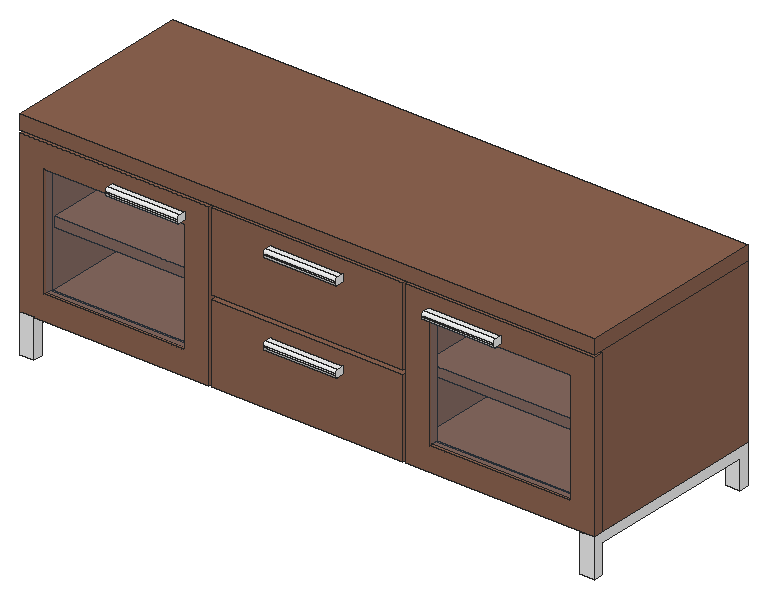
Revit family "Rack básico", category Furniture, Revit 2016
Family settings
  Work Plane-Based = No
  Always vertical = Yes
  Cut with Voids When Loaded = No
  Shared = No
  Room Calculation Point = No
Parameters (values of type "120 x 40 x 50")
  Height = 45 cm
  Leg Height = 8 cm
  Legs = Metal - Stainless
  Main Unit = Wood - Medium Brown
  Door Glass = Glass - Transparent
  Door = Wood - Medium Brown
  Width = 120 cm
  Depth = 40 cm
  Top Panel = Wood - Medium Brown
  Handle = Metal - Stainless
  Keynote = "12490.Z4"
Reference planes (cm)
  plane 1 "Center (Front/Back)": y = 15.52
  plane 2: z = 0
  plane 3 "Center (Left/Right)": x = -4.52
  plane 4 "Left": x = -64.52
  plane 5: x = 55.48
  plane 6: y = 35.52
  plane 7: y = -4.48
  plane 8 "Front (Door)": y = -2.48
  plane 9: x = -24.52
  plane 10: x = 15.48
  plane 11: z = 45
  plane 12: z = 8
  plane 13: x = -61.52
  plane 14: x = 52.48
  plane 15: y = 32.52
  plane 16: x = -30.02
  plane 17: x = 20.98
  plane 18: z = 24.75
  plane 19: z = 38.75
  plane 20: z = 21.5
  plane 21: z = 20
  plane 22: z = 41.5
  plane 23: z = 42
  plane 24: z = 37.25
  plane 25: y = 0.52
Forms (cm)
  Extrusion 1, solid, material "Wood - Medium Brown" <- "Main Unit"
    sketch origin (0, 0, 0) x (1, 0, 0) y (0, 1, 0)
      loop
        line (-64.52, -2.48) -> (55.48, -2.48) -> (55.48, 35.52) -> (-64.52, 35.52) -> (-64.52, -2.48)
    from 8 to 42
  Extrusion 2, solid, material "Wood - Medium Brown" <- "Door"
    sketch origin (0, -2.48, 0) x (1, 0, 0) y (0, 0, 1)
      loop
        line (-24.52, 8) -> (15.48, 8) -> (15.48, 24.25) -> (-24.52, 24.25) -> (-24.52, 8)
      loop
        line (-24.52, 41.5) -> (-24.52, 25.25) -> (15.48, 25.25) -> (15.48, 41.5) -> (-24.52, 41.5)
    from 0 to 2
  Extrusion 3, solid, material "Glass - Transparent" <- "Door Glass"
    sketch origin (0, -2.48, 0) x (1, 0, 0) y (0, 0, 1)
      loop
        line (-59.52, 13) -> (-30.02, 13) -> (-30.02, 36.5) -> (-59.52, 36.5) -> (-59.52, 13)
      loop
        line (20.98, 13) -> (50.48, 13) -> (50.48, 36.5) -> (20.98, 36.5) -> (20.98, 13)
    from 0.5 to 1.5
  Extrusion 4, solid, material "Wood - Medium Brown" <- "Main Unit"
    sketch origin (0, 0, 0) x (1, 0, 0) y (0, 1, 0)
      loop
        line (-61.52, 32.52) -> (-61.52, 0.52) -> (-25.02, 0.52) -> (-25.02, 32.52) -> (-61.52, 32.52)
      loop
        line (52.48, 32.52) -> (15.98, 32.52) -> (15.98, 0.52) -> (52.48, 0.52) -> (52.48, 32.52)
    from 22.75 to 24.75
  Extrusion 5, solid, material "Metal - Stainless" <- "Legs"
    sketch origin (-64.52, 0, 0) x (0, 1, 0) y (0, 0, 1)
      loop
        line (35.52, 0) -> (35.52, 8) -> (-4.48, 8) -> (-4.48, 0) -> (-2.48, 0) -> (-2.48, 6.02) -> (33.52, 6.02) -> (33.52, 0) -> (35.52, 0)
    from 0 to 3
  Extrusion 6, solid, material "Metal - Stainless" <- "Legs"
    sketch origin (70.48, 0, 0) x (0, 1, 0) y (0, 0, -1)
      loop
        line (35.52, 0) -> (33.52, 0) -> (33.52, -6.02) -> (-2.48, -6.02) -> (-2.48, 0) -> (-4.48, 0) -> (-4.48, -8) -> (35.52, -8) -> (35.52, 0)
    from 15 to 18
  Extrusion 7, solid, material "Metal - Stainless" <- "Handle"
    sketch origin (-4.52, 0, 0) x (0, 1, 0) y (0, 0, 1)
      loop
        line (-6.48, 38.15) -> (-6.48, 37.85)
        arc (-6.48, 37.85) -> (-6.3043, 37.4257) -> (-5.88, 37.25) r 0.6
        line (-5.88, 37.25) -> (-4.48, 37.25) -> (-4.48, 38.75) -> (-5.88, 38.75)
        arc (-5.88, 38.75) -> (-6.3043, 38.5743) -> (-6.48, 38.15) r 0.6
    from -7.5 to 7.5
  Extrusion 8, solid, material "Metal - Stainless" <- "Handle"
    sketch origin (-4.52, 0, -21.25) x (0, 1, 0) y (0, 0, 1)
      loop
        line (-6.48, 42.15) -> (-6.48, 41.85)
        arc (-6.48, 41.85) -> (-6.3043, 41.4257) -> (-5.88, 41.25) r 0.6
        line (-5.88, 41.25) -> (-4.48, 41.25) -> (-4.48, 42.75) -> (-5.88, 42.75)
        arc (-5.88, 42.75) -> (-6.3043, 42.5743) -> (-6.48, 42.15) r 0.6
    from -7.5 to 7.5
  Extrusion 9, solid, material "Metal - Stainless" <- "Handle"
    sketch origin (-42.52, 0, 0) x (0, 1, 0) y (0, 0, -1)
      loop
        arc (-6.48, -38.15) -> (-6.3043, -38.5743) -> (-5.88, -38.75) r 0.6
        line (-5.88, -38.75) -> (-4.48, -38.75) -> (-4.48, -37.25) -> (-5.88, -37.25)
        arc (-5.88, -37.25) -> (-6.3043, -37.4257) -> (-6.48, -37.85) r 0.6
        line (-6.48, -37.85) -> (-6.48, -38.15)
    from -12.5 to 2.5
  Extrusion 10, solid, material "Metal - Stainless" <- "Handle"
    sketch origin (33.48, 0, 0) x (0, 1, 0) y (0, 0, 1)
      loop
        line (-6.48, 38.15) -> (-6.48, 37.85)
        arc (-6.48, 37.85) -> (-6.3043, 37.4257) -> (-5.88, 37.25) r 0.6
        line (-5.88, 37.25) -> (-4.48, 37.25) -> (-4.48, 38.75) -> (-5.88, 38.75)
        arc (-5.88, 38.75) -> (-6.3043, 38.5743) -> (-6.48, 38.15) r 0.6
    from -12.5 to 2.5
  Extrusion 11, solid, material "Wood - Medium Brown" <- "Top Panel"
    sketch origin (0, 0, 0) x (1, 0, 0) y (0, 1, 0)
      loop
        line (-64.52, -4.48) -> (55.48, -4.48) -> (55.48, 35.52) -> (-64.52, 35.52) -> (-64.52, -4.48)
    from 42 to 45
  Sweep 12, solid, material "Wood - Medium Brown" <- "Door"
    path origin (-9.04, 15.52, 0) x (-1, 0, 0) y (0, 0, 1)
      loop
        line (-59.52, 36.5) -> (-59.52, 13) -> (-30.02, 13) -> (-30.02, 36.5) -> (-59.52, 36.5)
    profile origin (35.73, 15.52, 36.5) x (0, 0, -1) y (0, -1, 0)
      loop
        line (0, 20) -> (-5, 20) -> (-5, 18) -> (0, 18) -> (0, 20)
  Extrusion 13, void
    sketch origin (0, 0, 0) x (1, 0, 0) y (0, 1, 0)
      loop
        line (-61.52, -2.48) -> (-25.02, -2.48) -> (-25.02, 32.52) -> (-61.52, 32.52) -> (-61.52, -2.48)
      loop
        line (52.48, -2.48) -> (52.48, 32.52) -> (15.98, 32.52) -> (15.98, -2.48) -> (52.48, -2.48)
    from 11 to 46.75
  Sweep 14, solid, material "Wood - Medium Brown" <- "Door"
    path origin (0, 15.52, 0) x (1, 0, 0) y (0, 0, 1)
      loop
        line (-59.52, 36.5) -> (-59.52, 13) -> (-30.02, 13) -> (-30.02, 36.5) -> (-59.52, 36.5)
    profile origin (-44.77, 15.52, 36.5) x (0, 0, 1) y (0, -1, 0)
      loop
        line (0, 20) -> (0, 18) -> (5, 18) -> (5, 20) -> (0, 20)
Cuts and joins
  Extrusion 13 cuts Extrusion 1
  Extrusion 13 cuts Extrusion 5
  Extrusion 13 cuts Extrusion 6
Lines and regions (cm)
  Masking region 1
    outline origin (0, 0, 0) x (1, 0, 0) y (0, 1, 0)
      loop
        line (-64.52, 35.52) -> (-64.52, -4.48) -> (55.48, -4.48) -> (55.48, 35.52) -> (-64.52, 35.52)
  symbolic lines
    curve 1: line (-64.52, 35.52, 0) -> (-64.52, -4.48, 0)
    curve 2: line (-64.52, -4.48, 0) -> (55.48, -4.48, 0)
    curve 3: line (55.48, -4.48, 0) -> (55.48, 35.52, 0)
    curve 4: line (55.48, 35.52, 0) -> (-64.52, 35.52, 0)
Dimensions and locks (cm)
  equal spacing: plane 4 "Left", plane 3 "Center (Left/Right)", plane 5
  "Width": plane 4 "Left" to plane 5
  equal spacing: plane 7, plane 1 "Center (Front/Back)", plane 6
  "Depth": plane 7 to plane 6
  locked: plane 4 "Left" to plane 13 at 3
  locked: plane 14 to plane 5 at 3
  plane 9 to Extrusion 2 = 0 cm
  Extrusion 2 to plane 10 = 0 cm
  equal spacing: plane 4 "Left", plane 9, plane 10, plane 5
  locked: plane 7 to plane 8 "Front (Door)" at 2
  locked: plane 15 to plane 6 at 3
  locked: Extrusion 5 to plane 6 at 2
  locked: Extrusion 9 to Extrusion 9 at 15
  locked: Extrusion 7 to Extrusion 7 at 15
  locked: Extrusion 10 to Extrusion 10 at 15
  locked: plane 16 to plane 9 at 5.5
  locked: plane 10 to plane 17 at 5.5
  "Height": plane 11 to level
  "Leg Height": plane 12 to level
  locked: Extrusion 4 to Extrusion 4 at 2
  locked: plane 11 to plane 23 at 3
  locked: plane 23 to plane 22 at 0.5
  equal spacing: plane 22, plane 18, plane 12
  locked: Sweep 12 to Sweep 12 at 5  (x2)
  locked: plane 18 to plane 20 at 3.25
  locked: plane 20 to plane 21 at 1.5
  locked: plane 19 to plane 24 at 1.5
  locked: plane 22 to plane 19 at 2.75
  locked: plane 8 "Front (Door)" to plane 25 at 3
  locked: Sweep 14 to Sweep 14 at 5  (x2)
  aligned and locked: plane 4 "Left" to Extrusion 1 sketch curve
  aligned and locked: plane 8 "Front (Door)" to Extrusion 1 sketch curve
  aligned and locked: plane 6 to Extrusion 1 sketch curve
  aligned and locked: plane 5 to Extrusion 1 sketch curve
  aligned and locked: Extrusion 2 sketch curve to plane 12
  aligned and locked: Extrusion 4 to plane 13
  aligned and locked: plane 6 to Extrusion 5 sketch curve
  aligned and locked: level to Extrusion 5 sketch curve
  aligned and locked: plane 7 to Extrusion 5 sketch curve
  aligned and locked: Extrusion 5 sketch curve to level
  aligned and locked: plane 12 to Extrusion 6
  aligned and locked: plane 12 to Extrusion 5
  aligned and locked: Extrusion 5 to plane 4 "Left"
  aligned and locked: plane 13 to Extrusion 5
  aligned and locked: plane 5 to Extrusion 6
  aligned and locked: Extrusion 6 to plane 14
  aligned and locked: Extrusion 7 sketch curve to plane 7
  aligned and locked: Extrusion 7 to plane 7
  aligned and locked: Extrusion 9 to plane 7
  aligned and locked: Extrusion 10 to plane 7
  aligned and locked: Extrusion 8 to plane 7
  aligned and locked: Extrusion 8 to Extrusion 7
  aligned and locked: Extrusion 9 to Extrusion 7
  aligned and locked: Extrusion 10 to Extrusion 7
  aligned and locked: Extrusion 1 to plane 12
  aligned and locked: plane 18 to Extrusion 4
  aligned and locked: plane 20 to Extrusion 8 sketch curve
  aligned and locked: plane 21 to Extrusion 8 sketch curve
  aligned and locked: Extrusion 11 sketch curve to Extrusion 5
  aligned and locked: Extrusion 11 sketch curve to Extrusion 6
  aligned and locked: plane 11 to Extrusion 11
  aligned and locked: plane 23 to Extrusion 1
  aligned and locked: Extrusion 11 to Extrusion 1
  aligned and locked: profile plane to Sweep 12 sketch curve
  aligned and locked: Sweep 12 sketch curve to Extrusion 2
  aligned and locked: Extrusion 9 to Extrusion 3
  aligned and locked: plane 25 to Extrusion 4 sketch curve
  aligned and locked: Extrusion 4 sketch curve to plane 25
  aligned and locked: Extrusion 3 to Extrusion 10
  aligned and locked: Extrusion 3 to plane 17
  aligned and locked: profile plane to Sweep 14 sketch curve
  aligned and locked: plane 16 to Extrusion 3
  aligned and locked: plane 8 "Front (Door)" to Extrusion 1
  aligned and locked: Sweep 14 to plane 8 "Front (Door)"
  aligned and locked: Sweep 12 to plane 8 "Front (Door)"
  aligned and locked: plane 19 to Extrusion 10 sketch curve
  aligned and locked: plane 24 to Extrusion 10 sketch curve
  aligned and locked: plane 19 to Extrusion 7 sketch curve
  aligned and locked: plane 24 to Extrusion 7 sketch curve
Automatic sketch dimensions
  Extrusion 2 sketch curve to plane 9 = 0 cm  (x2)
  Extrusion 2 sketch curve to plane 10 = 0 cm  (x2)
  Extrusion 2 sketch curve to plane 22 = 0 cm
  Extrusion 2 sketch curve to plane 18 = 0.5 cm
  plane 18 to Extrusion 2 sketch curve = 0.5 cm
  Extrusion 3 sketch curve to plane 16 = 0 cm
  Extrusion 3 sketch curve to plane 17 = 0 cm
  plane 13 to Extrusion 3 sketch curve = 2 cm
  Extrusion 3 sketch curve to plane 14 = 2 cm
  plane 12 to Extrusion 3 sketch curve = 5 cm  (x2)
  Extrusion 3 sketch curve to plane 24 = 0.75 cm  (x2)
  Extrusion 4 sketch curve to plane 13 = 0 cm
  Extrusion 4 sketch curve to plane 15 = 0 cm  (x2)
  Extrusion 4 sketch curve to plane 14 = 0 cm
  Extrusion 4 sketch curve to plane 9 = 0.5 cm
  plane 10 to Extrusion 4 sketch curve = 0.5 cm
  Extrusion 5 sketch curve to plane 8 "Front (Door)" = 0 cm
  Extrusion 5 sketch curve to plane 12 = 0 cm
  Extrusion 5 sketch curve to plane 15 = 1 cm
  Extrusion 5 sketch curve to plane 12 = 1.98 cm
  Extrusion 6 sketch curve to level = 0 cm  (x2)
  Extrusion 6 sketch curve to plane 7 = 0 cm
  Extrusion 6 sketch curve to plane 8 "Front (Door)" = 0 cm
  Extrusion 6 sketch curve to plane 6 = 0 cm
  Extrusion 6 sketch curve to plane 12 = 0 cm
  Extrusion 6 sketch curve to plane 15 = 1 cm
  Extrusion 6 sketch curve to plane 12 = 1.98 cm
  plane 24 to Extrusion 7 sketch curve = 0.6 cm
  Extrusion 8 sketch curve to plane 7 = 0 cm
  Extrusion 8 sketch curve to Extrusion 8 sketch curve = 1.4 cm
  Extrusion 8 sketch curve to Extrusion 8 sketch curve = 0 cm
  Extrusion 8 sketch curve to Extrusion 8 sketch curve = 0.6 cm
  Extrusion 9 sketch curve to plane 7 = 0 cm
  Extrusion 9 sketch curve to Extrusion 9 sketch curve = 0.6 cm
  Extrusion 10 sketch curve to plane 7 = 0 cm
  Extrusion 10 sketch curve to Extrusion 10 sketch curve = 0.6 cm
  Extrusion 11 sketch curve to plane 7 = 0 cm
  Extrusion 11 sketch curve to plane 6 = 0 cm
  Sweep 12 sketch curve to plane 17 = 0 cm
  plane 24 to Sweep 12 sketch curve = 0.75 cm
  plane 14 to Sweep 12 sketch curve = 2 cm
  Sweep 12 sketch curve to plane 12 = 5 cm
  plane 1 "Center (Front/Back)" to Sweep 12 sketch curve = 18 cm
  Sweep 12 sketch curve to Sweep 12 sketch curve = 2 cm
  Extrusion 13 sketch curve to plane 13 = 0 cm
  Extrusion 13 sketch curve to plane 15 = 0 cm  (x2)
  Extrusion 13 sketch curve to plane 8 "Front (Door)" = 0 cm  (x2)
  Extrusion 13 sketch curve to plane 14 = 0 cm
  Extrusion 13 sketch curve to plane 9 = 0.5 cm
  plane 10 to Extrusion 13 sketch curve = 0.5 cm
  Masking region 1 sketch curve to plane 4 "Left" = 0 cm
  Masking region 1 sketch curve to plane 5 = 0 cm
  Masking region 1 sketch curve to plane 7 = 0 cm
  Masking region 1 sketch curve to plane 6 = 0 cm
  Sweep 14 sketch curve to plane 16 = 0 cm
  Sweep 14 sketch curve to plane 24 = 0.75 cm
  plane 13 to Sweep 14 sketch curve = 2 cm
  plane 12 to Sweep 14 sketch curve = 5 cm
  Sweep 14 sketch curve to Sweep 14 sketch curve = 5 cm
  plane 1 "Center (Front/Back)" to Sweep 14 sketch curve = 18 cm
  Sweep 14 sketch curve to Sweep 14 sketch curve = 2 cm
  Extrusion 10 sketch curve to Extrusion 10 sketch curve = 1.4 cm
  Extrusion 10 sketch curve to Extrusion 10 sketch curve = 0 cm
  Extrusion 7 sketch curve to Extrusion 7 sketch curve = 1.4 cm
  Extrusion 7 sketch curve to Extrusion 7 sketch curve = 0 cm
  plane 7 to Extrusion 9 sketch curve = 1.4 cm
  Extrusion 9 sketch curve to plane 19 = 0 cm
  Extrusion 9 sketch curve to plane 24 = 0 cm
  Extrusion 9 sketch curve to Extrusion 9 sketch curve = 0 cm
  curve 1 to plane 4 "Left" = 0 cm
  curve 4 to plane 5 = 0 cm
  curve 1 to plane 7 = 0 cm
  curve 3 to plane 6 = 0 cm
